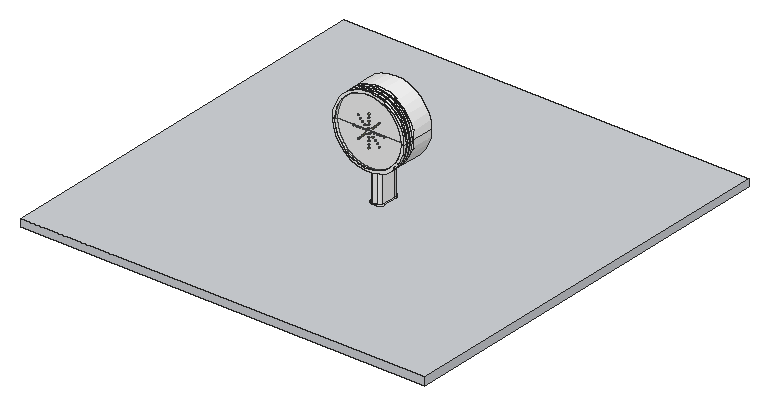
Revit family "CC_1W", category Lighting Fixtures, host Face, Revit 2014
Parameters (values of type "CC-1W")
  White = Paint - Hubbell - Matte White
  Watts = 24 W
  Wattage Comments = "24"
  Warranty = "5 years Warranty"  # constant formula
  Voltage = 120 V
  URL = "https://www.hubbell.com/kimlighting/en"
  Product Link = "https://www.hubbell.com/kimlighting/en/Products/Lighting-Controls/Commercial-Outdoor-Lighting/Area-Site-Roadway/Curvilinear-Cutoff/p/248457"
  Product Documentation Link = "https://hubbellcdn.com/specsheet/kl_CCCCS17_spec.pdf"
  Power Factor = 1
  Model = "Curvilinear Cutoff"  # constant formula
  Manufacturer = "KIM Lighting"  # constant formula
  Load Classification = Lighting
  Lamp = "LED"
  Housing Material = Paint - Hubbell - Textured Camera Black
  Gold = Hubbell - Gold
  Glass = Hubbell - Glass
  Fixture distribution = "Direct"  # constant formula
  Features = "• TIR Optics\r\n• Available in 595nm, 3000K, 4000K and 5000K standard CCT\r\n• Type 1, 2, 3, 4, 4W, 5QM, 5QN, 5R, 5W distributions\r\n• 0 - 10V dimming drivers standard\r\n• IP66 optic assembly"  # constant formula
  Description = "Sharp Cutoff and Visual Uniformity. The classic cylindrical design of the Curvilinear luminaire features a simple geometric shape for architectural relevance and is ideal for retail outlets or automotive dealerships. The luminaire family is designed for performance, providing energy efficiency, and glare control, all manufactured to Kim Lightings high standards for quality."  # constant formula
  Default Elevation = 48"
  Copyright = "© 2020 Kim Lighting, a division of Hubbell Lighting, Inc"  # constant formula
  Contact = "https://www.hubbell.com/kimlighting/en/contactUs?productId=248457"
  Connector Description = "Lighting Connector"  # constant formula
  Assembly Code = "D5020200"
  Apparent Load = Watts / Power Factor  # 24 VA
Reference planes (in)
  plane 1 "Center (Front/Back)": y = 0
  plane 2: z = 0.5561
  plane 3 "Center (Left/Right)": x = 0
  plane 4: z = 144.5561
Forms (in)
  Extrusion 1, solid
    sketch origin (0, 0, 0) x (1, 0, 0) y (0, 1, 0)
      loop
        line (-48, 48) -> (-48, -48) -> (48, -48) -> (48, 48) -> (-48, 48)
    from 0.5561 to -1.25
Dimensions and locks (in)
  plane 4 to Extrusion 1 = 144"
  aligned and locked: plane 2 to Extrusion 1
Nested families (in)
  nested 1: "CC_Wall_Base" at (0, 0, 0.5561) x (-1, 0, 0) z (0, 0, 1), type "LTV767NF/6L3KUV/NB"
Connectors (in)
  electrical at (0.01569, -0.21744, 0.56799), driven by "Voltage", driven by "Apparent Load", driven by "Power Factor", driven by "Connector Description"
    settings: on nested 1, index 1, voltage 120 V, apparent load 24 VA, apparent load phase1 0 VA, apparent load phase2 0 VA, apparent load phase3 0 VA, power factor 1, load classification "Other", number of poles 1, system type 30, power factor state 1, is connector primary yes, connector utility no, sub classification motor no, connector description "Lighting Connector"
Definition of nested family "CC_Wall_Base"
  Parameters (values of type "LTV767NF/6L3KUV/NB")
    White Surface = Paint - Hubbell - Matte White
    Wattage Comments = "11W"
    Wattage = 28 W
    built-in parameter 1150110 = 1 (stored number, unit not read)
    Voltage = "120 to 277V"
    URL = "https://www.hubbell.com/hubbelllightingci/en/"
    Type Comments = "Lighting Fixture"  # constant formula
    built-in parameter 1114217 = 1 (stored number, unit not read)
    Tilt Angle = 45.00°
    built-in parameter 1150109 = 1 (stored number, unit not read)
    built-in parameter 1150134 = 3
    built-in parameter 1150113 = 1 (stored number, unit not read)
    Specification = "Energy efficient LED models\r\nBrass or aluminum housing for durability\r\nHex cell louver and prismatic spread lens options"  # constant formula
    Series = "In-grade/ Landscape "  # constant formula
    Product Page = "https://www.hubbell.com/hubbelllightingci/en/Products/Lighting-Controls/Commercial-Outdoor-Lighting/In-Grade/In-Grade-Minivault/p/248531"
    Power Factor = 1  # constant formula
    Photometric Web File = "CC17x2-36L-225-3K7-2.ies"
    OmniClass Title = "Buried Uplights"  # constant formula
    OmniClass Number = "23-80 70 14 11 21"  # constant formula
    Number of Poles = 1
    Note Visible = yes
    Note Text = "LF"  # constant formula
    Model = "LTV767NF/6L3KUV/NB"  # constant formula
    Manufacturer = "KIM Lighting"  # constant formula
    built-in parameter 1150105 = 270.05 (stored number, unit not read)
    Lumens = 3393.6 lm
    built-in parameter 1150115 = 1 (stored number, unit not read)
    built-in parameter 1150137 = (empty or 0)
    built-in parameter 1150139 = (empty or 0)
    Lens Ring Material = Metal-Kim Lighting-Bronze
    built-in parameter 1150112 = 1 (stored number, unit not read)
    built-in parameter 1150114 = 1 (stored number, unit not read)
    Lamp = "LED"
    LED = Default Light Source
    built-in parameter 1150132 = (empty or 0)
    built-in parameter 1150102 = (empty or 0)
    built-in parameter 1150107 = 3200 (stored number, unit not read)
    built-in parameter 1150138 = (empty or 0)
    built-in parameter 1150106 = 2.7005 (stored number, unit not read)
    Emit from Circle Diameter = 15"
    Emit Shape Visible in Rendering = no
    Diameter = 7 1/4"
    Contact us = "https://www.hubbell.com/hubbelllightingci/en/contactUs?productId=248531"
    Composite Housing material = Plastic-Kim Lighting-Fiberglass
    Glass Material = Glass-Kim Lighting-Clear
    Full Load Current = 11 A
    Frequency = 60 Hz
    Finish = "Cast Bronze, Natural Finish"  # constant formula
    built-in parameter 1150104 = 11.26 (stored number, unit not read)
    Dimming Lamp Color Temperature Shift = (empty or 0)
    Description = "Minivault incorporates more than 50 years of in-grade experience into every luminaire. A commitment to produce the most durable product possible is the core of the series, which now includes new low wattage pulse start metal halide lamps and LEDs expanding into residential applications."  # constant formula
    Default Elevation = 0"
    Color Filter = 16777215
    built-in parameter 1114218 = 1 (stored number, unit not read)
    built-in parameter 1150133 = 10 (stored number, unit not read)
    Assembly Code = "D5020200"
    Apparent Load = 11 VA
  Reference planes (in)
    plane 1 "Center (Front/Back)": y = 0
    plane 2: z = 0
    plane 3 "Center (Left/Right)": x = 0
    plane 4: x = -8.5
    plane 5: x = 8.5
    plane 6: y = 8.5
    plane 7: y = -8.5
  Forms (in)
    Extrusion 1, solid
      sketch origin (0, 0, 0) x (1, 0, 0) y (0, 1, 0)
        loop
          line (-48, 48) -> (-48, -48) -> (48, -48) -> (48, 48) -> (-48, 48)
      from 0 to -1.39695
    Revolve 2, solid, material "Paint - Hubbell - Matte White" <- "White Surface"
      sketch origin (0, -3.28256, 16.26189) x (0, -1, 0) y (1, 0, 0)
        loop
          line (-8, 7.87949) -> (-7.41108, 7.87949) -> (-7.41108, 0) -> (0, 0) -> (0, 8.5) -> (-5.0625, 8.5) -> (-5.27642, 8.12949) -> (-5.53608, 8.12949) -> (-5.75, 8.5) -> (-6, 8.5) -> (-6.21392, 8.12949) -> (-6.47358, 8.12949) -> (-6.6875, 8.5) -> (-6.9375, 8.5) -> (-7.15142, 8.12949) -> (-7.41108, 8.12949) -> (-7.625, 8.5) -> (-8, 8.5) -> (-8, 7.87949)
        axis (-8, 0) -> (0, 0)
      angle from 0 to 360
    Extrusion 3, solid, material "Paint - Hubbell - Matte White" <- "White Surface"
      sketch origin (0, -3.53256, 13.01189) x (0, -1, 0) y (-1, 0, 0)
        loop
          line (-6.25, 0.51569) -> (-6.25, -0.48431)
          arc (-6.25, -0.48431) -> (-6.03033, -1.01464) -> (-5.5, -1.23431) r 0.75
          line (-5.5, -1.23431) -> (-2, -1.23431)
          arc (-2, -1.23431) -> (-1.46967, -1.01464) -> (-1.25, -0.48431) r 0.75
          line (-1.25, -0.48431) -> (-1.25, 0.51569)
          arc (-1.25, 0.51569) -> (-1.46967, 1.04602) -> (-2, 1.26569) r 0.75
          line (-2, 1.26569) -> (-5.5, 1.26569)
          arc (-5.5, 1.26569) -> (-6.03033, 1.04602) -> (-6.25, 0.51569) r 0.75
      from 4.41755 to 13
    Extrusion 4, solid, material "Default Light Source" <- "LED"
      sketch origin (0, 12.21744, 16.26189) x (1, 0, 0) y (0, 0, -1)
        loop
          circle (0, -0.60445) r 0.16569
        loop
          circle (0.60445, 0) r 0.16569
        loop
          circle (0, 0.60445) r 0.16569
        loop
          circle (-0.60445, 0) r 0.16569
        loop
          circle (0, -1.35445) r 0.16569
        loop
          circle (0, -2.10445) r 0.16569
        loop
          circle (0, -2.85445) r 0.16569
        loop
          circle (0, -3.60445) r 0.16569
        loop
          circle (0.95774, -0.95774) r 0.16569
        loop
          circle (1.35445, 0) r 0.16569
        loop
          circle (0.95774, 0.95774) r 0.16569
        loop
          circle (0, 1.35445) r 0.16569
        loop
          circle (-0.95774, 0.95774) r 0.16569
        loop
          circle (-1.35445, 0) r 0.16569
        loop
          circle (-0.95774, -0.95774) r 0.16569
        loop
          circle (1.48807, -1.48807) r 0.16569
        loop
          circle (2.10445, 0) r 0.16569
        loop
          circle (1.48807, 1.48807) r 0.16569
        loop
          circle (0, 2.10445) r 0.16569
        loop
          circle (-1.48807, 1.48807) r 0.16569
        loop
          circle (-2.10445, 0) r 0.16569
        loop
          circle (-1.48807, -1.48807) r 0.16569
        loop
          circle (2.0184, -2.0184) r 0.16569
        loop
          circle (2.54873, -2.54873) r 0.16569
        loop
          circle (2.85445, 0) r 0.16569
        loop
          circle (3.60445, 0) r 0.16569
        loop
          circle (2.0184, 2.0184) r 0.16569
        loop
          circle (2.54873, 2.54873) r 0.16569
        loop
          circle (0, 2.85445) r 0.16569
        loop
          circle (0, 3.60445) r 0.16569
        loop
          circle (-2.0184, 2.0184) r 0.16569
        loop
          circle (-2.54873, 2.54873) r 0.16569
        loop
          circle (-2.85445, 0) r 0.16569
        loop
          circle (-3.60445, 0) r 0.16569
        loop
          circle (-2.0184, -2.0184) r 0.16569
        loop
          circle (-2.54873, -2.54873) r 0.16569
      from -7.87223 to -7.625
    Extrusion 5, solid, material "Glass-Kim Lighting-Clear" <- "Glass Material"
      sketch origin (0, 12.59244, 16.26189) x (1, 0, 0) y (0, 0, -1)
        loop
          circle (0, 0) r 7.87949
      from -8 to -7.87223
    Extrusion 6, solid, material "Paint - Hubbell - Matte White" <- "White Surface"
      sketch origin (0, 0, 0) x (1, 0, 0) y (0, 1, 0)
        loop
          line (-0.51569, -2.53256) -> (0.48431, -2.53256)
          arc (0.48431, -2.53256) -> (1.19142, -2.23966) -> (1.48431, -1.53256) r 1
          line (1.48431, -1.53256) -> (1.48431, 1.96744)
          arc (1.48431, 1.96744) -> (1.19142, 2.67455) -> (0.48431, 2.96744) r 1
          line (0.48431, 2.96744) -> (-0.51569, 2.96744)
          arc (-0.51569, 2.96744) -> (-1.22279, 2.67455) -> (-1.51569, 1.96744) r 1
          line (-1.51569, 1.96744) -> (-1.51569, -1.53256)
          arc (-1.51569, -1.53256) -> (-1.22279, -2.23966) -> (-0.51569, -2.53256) r 1
      from 0 to 0.17478
  Cuts and joins
    joined: Extrusion 3, Extrusion 6
  Dimensions and locks (in)
    aligned and locked: plane 2 to Extrusion 1
    aligned and locked: level to Extrusion 1
